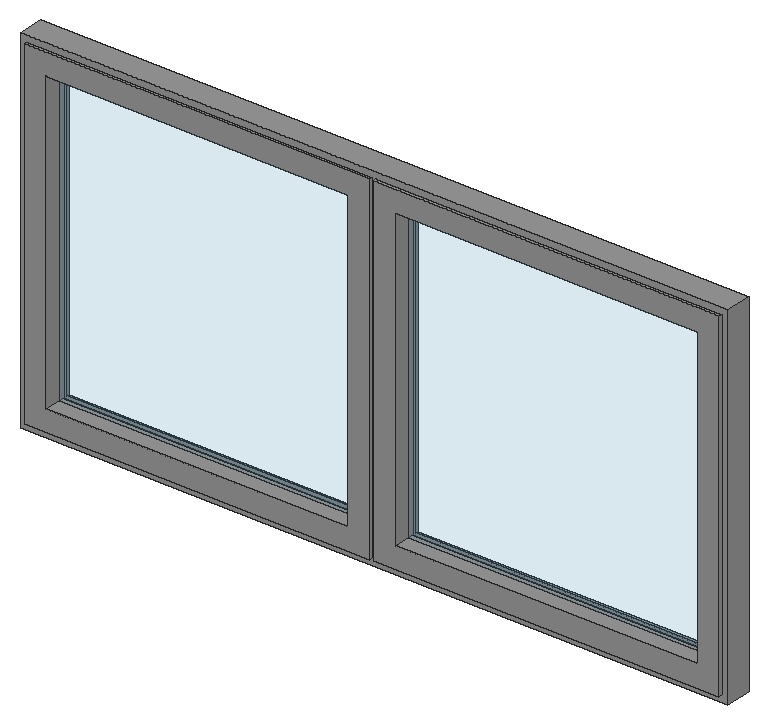
Revit family "Kawneer_Window_GT70s_Pos003", category Windows, host Wall, Revit 2020 (continued)
Definition of nested family "Kawneer_GT70s_Pos003"
  Definition of nested family "Kawneer_GT70s_Mull3"
    Lines and regions (mm)
      model lines, in view "Ref. Level", detail levels fine
        curve 936: line (-3.9, -55.5, 0) -> (-5, -55.5, 0)
        curve 937: line (-5.2, -55.7, 0) -> (-5.2, -56.713, 0)
        curve 938: line (-5.6, -57.113, 0) -> (-5.6, -68.587, 0)
        curve 939: line (-5.2, -68.987, 0) -> (-5.2, -70, 0)
        curve 940: line (-5, -70.2, 0) -> (-3.9, -70.2, 0)
        curve 941: line (26.5, -72, 0) -> (-26.5, -72, 0)
        curve 942: line (-27, -71.5, 0) -> (-27, -68.5, 0)
        curve 943: line (-24.342, -66, 0) -> (-26.5, -68, 0)
        curve 944: line (-26.5, -68, 0) -> (-25, -68, 0)
        curve 945: line (-24.5, -68.5, 0) -> (-24.5, -68.8, 0)
        curve 946: line (-24.7, -69, 0) -> (-25.3, -69, 0)
        curve 947: line (-25.8, -69.5, 0) -> (-25.8, -70.1, 0)
        curve 948: line (-25.3, -70.6, 0) -> (-20.7, -70.6, 0)
        curve 949: line (-20.2, -70.1, 0) -> (-20.2, -69.5, 0)
        curve 950: line (-20.7, -69, 0) -> (-21.3, -69, 0)
        curve 951: line (-21.5, -68.8, 0) -> (-21.5, -68.5, 0)
        curve 952: line (-23.092, -66, 0) -> (-21, -68, 0)
        curve 953: line (-21, -68, 0) -> (-17.9, -68, 0)
        curve 954: line (-17.9, -68.8, 0) -> (-18.8, -68.8, 0)
        curve 955: line (-19, -69, 0) -> (-19, -69.9, 0)
        curve 956: line (-18.5, -70.4, 0) -> (-16, -70.4, 0)
        curve 957: line (-16, -70.4, 0) -> (-7.489, -70.211, 0)
        curve 958: line (-7, -69.711, 0) -> (-7, -56.2, 0)
        curve 959: line (-7.5, -55.7, 0) -> (-10.3, -55.7, 0)
        curve 960: line (-10.5, -55.9, 0) -> (-10.5, -57.1, 0)
        curve 961: line (-11.5, -56.5, 0) -> (-11.5, -53.3, 0)
        curve 962: line (-10.5, -53.3, 0) -> (-10.5, -53.9, 0)
        curve 963: line (-10.2, -54.2, 0) -> (-7.7, -54.2, 0)
        curve 964: line (-7, -53.5, 0) -> (-7, -50.633, 0)
        curve 965: line (-6.55, -50.373, 0) -> (-5.921, -50.736, 0)
        curve 966: line (-5.921, -50.736, 0) -> (-4.82, -51.372, 0)
        curve 967: line (-4.82, -51.372, 0) -> (-5.4, -52.419, 0)
        curve 968: line (-5.4, -52.419, 0) -> (-5.4, -53.3, 0)
        curve 969: line (-4.973, -51.742, 0) -> (-5.587, -53.223, 0)
        curve 970: line (-5.402, -53.5, 0) -> (-1.8, -53.5, 0)
        curve 971: line (-1.8, -53.5, 0) -> (-2.821, -53.5, 0)
        curve 972: line (-2.452, -51.274, 0) -> (-1.6, -52.75, 0)
        curve 973: line (-1.6, -52.75, 0) -> (-1.6, -53.3, 0)
        curve 974: line (-1.6, -53.3, 0) -> (-1.6, -52.76, 0)
        curve 975: line (-1.6, -52.76, 0) -> (-2.386, -51.398, 0)
        curve 976: line (-2.519, -50.563, 0) -> (-2.416, -51, 0)
        curve 977: line (-2.416, -51, 0) -> (-2.039, -51, 0)
        curve 978: line (2.039, -51, 0) -> (2.416, -51, 0)
        curve 979: line (2.416, -51, 0) -> (2.519, -50.563, 0)
        curve 980: line (1.6, -53.3, 0) -> (1.6, -52.75, 0)
        curve 981: line (1.6, -52.75, 0) -> (2.386, -51.398, 0)
        curve 982: line (2.386, -51.398, 0) -> (1.6, -52.76, 0)
        curve 983: line (1.6, -52.76, 0) -> (1.6, -53.3, 0)
        curve 984: line (2.821, -53.5, 0) -> (1.8, -53.5, 0)
        curve 985: line (1.8, -53.5, 0) -> (5.402, -53.5, 0)
        curve 986: line (5.587, -53.223, 0) -> (4.973, -51.742, 0)
        curve 987: line (7, -50.633, 0) -> (7, -53.5, 0)
        curve 988: line (7.7, -54.2, 0) -> (10.2, -54.2, 0)
        curve 989: line (10.5, -53.9, 0) -> (10.5, -53.3, 0)
        curve 990: line (11.5, -53.3, 0) -> (11.5, -56.5, 0)
        curve 991: line (10.5, -57.1, 0) -> (10.5, -55.9, 0)
        curve 992: line (10.3, -55.7, 0) -> (7.5, -55.7, 0)
        curve 993: line (7, -56.2, 0) -> (7, -69.711, 0)
        curve 994: line (7.489, -70.211, 0) -> (16, -70.4, 0)
        curve 995: line (16, -70.4, 0) -> (18.5, -70.4, 0)
        curve 996: line (19, -69.9, 0) -> (19, -69, 0)
        curve 997: line (18.8, -68.8, 0) -> (17.9, -68.8, 0)
        curve 998: line (17.9, -68, 0) -> (21, -68, 0)
        curve 999: line (21, -68, 0) -> (23.092, -66, 0)
        curve 1000: line (21.5, -68.5, 0) -> (21.5, -68.8, 0)
        curve 1001: line (21.3, -69, 0) -> (20.7, -69, 0)
        curve 1002: line (20.2, -69.5, 0) -> (20.2, -70.1, 0)
        curve 1003: line (20.7, -70.6, 0) -> (25.3, -70.6, 0)
        curve 1004: line (25.8, -70.1, 0) -> (25.8, -69.5, 0)
        curve 1005: line (25.3, -69, 0) -> (24.7, -69, 0)
        curve 1006: line (24.5, -68.8, 0) -> (24.5, -68.5, 0)
        curve 1007: line (25, -68, 0) -> (26.5, -68, 0)
        curve 1008: line (26.5, -68, 0) -> (24.342, -66, 0)
        curve 1009: line (27, -68.5, 0) -> (27, -71.5, 0)
        curve 1010: line (3.5, -1.4, 0) -> (0, -1.4, 0)
        curve 1011: line (0, -1.4, 0) -> (-3.5, -1.4, 0)
        curve 1012: line (-3.9, -1.8, 0) -> (-5, -1.8, 0)
        curve 1013: line (-5.2, -2, 0) -> (-5.2, -3.013, 0)
        curve 1014: line (-5.6, -3.413, 0) -> (-5.6, -9.306, 0)
        curve 1015: line (-5.6, -9.306, 0) -> (-5.6, -15.2, 0)
        curve 1016: line (-5.2, -15.6, 0) -> (-5.2, -16.5, 0)
        curve 1017: line (-5, -16.7, 0) -> (-4.273, -16.7, 0)
        curve 1018: line (-3.927, -16.9, 0) -> (0, -16.9, 0)
        curve 1019: line (0, -16.9, 0) -> (3.927, -16.9, 0)
        curve 1020: line (4.273, -16.7, 0) -> (5, -16.7, 0)
        curve 1021: line (5.2, -16.5, 0) -> (5.2, -15.6, 0)
        curve 1022: line (5.6, -15.2, 0) -> (5.6, -9.306, 0)
        curve 1023: line (5.6, -9.306, 0) -> (5.6, -3.413, 0)
        curve 1024: line (5.2, -3.013, 0) -> (5.2, -2, 0)
        curve 1025: line (5, -1.8, 0) -> (3.9, -1.8, 0)
        curve 1026: line (-11.5, 0, 0) -> (11.5, 0, 0)
        curve 1027: line (12, -0.5, 0) -> (12, -2.342, 0)
        curve 1028: line (10.5, -4, 0) -> (10.5, -2.3, 0)
        curve 1029: line (10, -1.8, 0) -> (7.5, -1.8, 0)
        curve 1030: line (7, -2.3, 0) -> (7, -15.8, 0)
        curve 1031: line (7.5, -16.3, 0) -> (10, -16.3, 0)
        curve 1032: line (10.5, -15.8, 0) -> (10.5, -14.4, 0)
        curve 1033: line (11.8, -15.839, 0) -> (11.8, -18.6, 0)
        curve 1034: line (10.5, -19.4, 0) -> (10.5, -18.2, 0)
        curve 1035: line (10.3, -18, 0) -> (7.7, -18, 0)
        curve 1036: line (7, -18.7, 0) -> (7, -21.367, 0)
        curve 1037: line (6.55, -21.627, 0) -> (5.921, -21.264, 0)
        curve 1038: line (5.921, -21.264, 0) -> (4.82, -20.628, 0)
        curve 1039: line (4.82, -20.628, 0) -> (5.4, -19.581, 0)
        curve 1040: line (5.4, -19.581, 0) -> (5.4, -18.7, 0)
        curve 1041: line (4.973, -20.258, 0) -> (5.587, -18.777, 0)
        curve 1042: line (5.402, -18.5, 0) -> (1.8, -18.5, 0)
        curve 1043: line (1.8, -18.5, 0) -> (2.821, -18.5, 0)
        curve 1044: line (2.452, -20.726, 0) -> (1.6, -19.25, 0)
        curve 1045: line (1.6, -19.25, 0) -> (1.6, -18.7, 0)
        curve 1046: line (1.6, -18.7, 0) -> (1.6, -19.24, 0)
        curve 1047: line (1.6, -19.24, 0) -> (2.386, -20.602, 0)
        curve 1048: line (2.519, -21.437, 0) -> (2.416, -21, 0)
        curve 1049: line (2.416, -21, 0) -> (2.039, -21, 0)
        curve 1050: line (-2.039, -21, 0) -> (-2.416, -21, 0)
        curve 1051: line (-2.416, -21, 0) -> (-2.519, -21.437, 0)
        curve 1052: line (-1.6, -18.7, 0) -> (-1.6, -19.25, 0)
        curve 1053: line (-1.6, -19.25, 0) -> (-2.386, -20.602, 0)
        curve 1054: line (-2.386, -20.602, 0) -> (-1.6, -19.24, 0)
        curve 1055: line (-1.6, -19.24, 0) -> (-1.6, -18.7, 0)
        curve 1056: line (-2.821, -18.5, 0) -> (-1.8, -18.5, 0)
        curve 1057: line (-1.8, -18.5, 0) -> (-5.402, -18.5, 0)
        curve 1058: line (-5.587, -18.777, 0) -> (-4.973, -20.258, 0)
        curve 1059: line (-7, -21.367, 0) -> (-7, -18.7, 0)
        curve 1060: line (-7.7, -18, 0) -> (-10.3, -18, 0)
        curve 1061: line (-10.5, -18.2, 0) -> (-10.5, -19.4, 0)
        curve 1062: line (-11.8, -18.6, 0) -> (-11.8, -15.839, 0)
        curve 1063: line (-10.5, -14.4, 0) -> (-10.5, -15.8, 0)
        curve 1064: line (-10, -16.3, 0) -> (-7.5, -16.3, 0)
        curve 1065: line (-7, -15.8, 0) -> (-7, -2.3, 0)
        curve 1066: line (-7.5, -1.8, 0) -> (-10, -1.8, 0)
        curve 1067: line (-10.5, -2.3, 0) -> (-10.5, -4, 0)
        curve 1068: line (-12, -2.342, 0) -> (-12, -0.5, 0)
        curve 1069: line (-3.85, -35.5, 0) -> (5.05, -35.5, 0)
        curve 1070: line (4.605, -46.985, 0) -> (3.221, -48.635, 0)
        curve 1071: line (4.379, -53.5, 0) -> (5.2, -53.5, 0)
        curve 1072: line (5.4, -53.3, 0) -> (5.4, -52.419, 0)
        curve 1073: line (5.4, -52.419, 0) -> (4.919, -51.258, 0)
        curve 1074: line (4.919, -51.258, 0) -> (5.921, -50.736, 0)
        curve 1075: line (5.921, -50.736, 0) -> (6.55, -50.373, 0)
        curve 1076: line (5.645, -49.901, 0) -> (6.45, -49.436, 0)
        curve 1077: line (6.95, -48.57, 0) -> (6.95, -46.5, 0)
        curve 1078: line (7.45, -46, 0) -> (10.15, -46, 0)
        curve 1079: line (10.15, -46, 0) -> (9.718, -46.044, 0)
        curve 1080: line (9.718, -46.044, 0) -> (7.538, -47.364, 0)
        curve 1081: line (10.45, -46.3, 0) -> (10.45, -46.9, 0)
        curve 1082: line (11.45, -46.9, 0) -> (11.45, -43.9, 0)
        curve 1083: line (10.45, -43.9, 0) -> (10.45, -44.5, 0)
        curve 1084: line (10.15, -44.8, 0) -> (7.45, -44.8, 0)
        curve 1085: line (6.95, -44.3, 0) -> (6.95, -23.43, 0)
        curve 1086: line (6.45, -22.564, 0) -> (5.645, -22.099, 0)
        curve 1087: line (5.2, -18.5, 0) -> (4.379, -18.5, 0)
        curve 1088: line (3.22, -23.364, 0) -> (4.605, -25.014, 0)
        curve 1089: line (5.036, -34.3, 0) -> (-3.85, -34.3, 0)
        curve 1090: line (3.85, -36.5, 0) -> (-5.05, -36.5, 0)
        curve 1091: line (-4.605, -25.014, 0) -> (-3.22, -23.364, 0)
        curve 1092: line (-4.379, -18.5, 0) -> (-5.2, -18.5, 0)
        curve 1093: line (-5.4, -18.7, 0) -> (-5.4, -19.581, 0)
        curve 1094: line (-5.4, -19.581, 0) -> (-4.919, -20.742, 0)
        curve 1095: line (-4.919, -20.742, 0) -> (-5.921, -21.264, 0)
        curve 1096: line (-5.921, -21.264, 0) -> (-6.55, -21.627, 0)
        curve 1097: line (-5.645, -22.099, 0) -> (-6.45, -22.564, 0)
        curve 1098: line (-6.95, -23.43, 0) -> (-6.95, -44.3, 0)
        curve 1099: line (-7.45, -44.8, 0) -> (-10.15, -44.8, 0)
        curve 1100: line (-10.45, -44.5, 0) -> (-10.45, -43.9, 0)
        curve 1101: line (-11.45, -43.9, 0) -> (-11.45, -46.9, 0)
        curve 1102: line (-10.45, -46.9, 0) -> (-10.45, -46.3, 0)
        curve 1103: line (-7.538, -47.364, 0) -> (-9.718, -46.044, 0)
        curve 1104: line (-9.718, -46.044, 0) -> (-10.15, -46, 0)
        curve 1105: line (-10.15, -46, 0) -> (-7.45, -46, 0)
        curve 1106: line (-6.95, -46.5, 0) -> (-6.95, -48.57, 0)
        curve 1107: line (-6.45, -49.436, 0) -> (-5.645, -49.901, 0)
        curve 1108: line (-5.2, -53.5, 0) -> (-4.379, -53.5, 0)
        curve 1109: line (-3.221, -48.635, 0) -> (-4.605, -46.985, 0)
        curve 1110: line (-5.036, -37.7, 0) -> (3.85, -37.7, 0)
        curve 1111: line (41.999, -70, 0) -> (41.999, -67.8, 0)
        curve 1112: line (39.999, -65.8, 0) -> (35.299, -65.8, 0)
        curve 1113: line (35.099, -65.6, 0) -> (35.099, -58.6, 0)
        curve 1114: line (35.299, -58.4, 0) -> (45.299, -58.4, 0)
        curve 1115: line (45.499, -58.6, 0) -> (45.499, -70, 0)
        curve 1116: line (44.999, -70.5, 0) -> (42.499, -70.5, 0)
        curve 1117: line (38.999, -71, 0) -> (38.999, -71.5, 0)
        curve 1118: line (39.499, -72, 0) -> (66.499, -72, 0)
        curve 1119: line (66.999, -71.5, 0) -> (66.999, -68.5, 0)
        curve 1120: line (63.384, -69.639, 0) -> (64.499, -68.5, 0)
        curve 1121: line (64.499, -68.5, 0) -> (64.499, -68.8, 0)
        curve 1122: line (64.499, -68.8, 0) -> (64.55, -68, 0)
        curve 1123: line (64.55, -68, 0) -> (66.499, -68, 0)
        curve 1124: line (66.499, -68, 0) -> (64.999, -68, 0)
        curve 1125: line (64.999, -68, 0) -> (67.057, -65.967, 0)
        curve 1126: line (64.699, -69, 0) -> (65.299, -69, 0)
        curve 1127: line (65.799, -69.5, 0) -> (65.799, -70.1, 0)
        curve 1128: line (65.299, -70.6, 0) -> (60.699, -70.6, 0)
        curve 1129: line (60.199, -70.1, 0) -> (60.199, -69.5, 0)
        curve 1130: line (60.699, -69, 0) -> (61.299, -69, 0)
        curve 1131: line (59.41, -68, 0) -> (61.45, -68, 0)
        curve 1132: line (61.45, -68, 0) -> (61.499, -68.8, 0)
        curve 1133: line (61.499, -68.8, 0) -> (61.499, -68.5, 0)
        curve 1134: line (61.499, -68.5, 0) -> (62.616, -69.639, 0)
        curve 1135: line (58.943, -65.967, 0) -> (60.999, -68, 0)
        curve 1136: line (60.999, -68, 0) -> (57.899, -68, 0)
        curve 1137: line (57.899, -68.8, 0) -> (58.799, -68.8, 0)
        curve 1138: line (58.999, -69, 0) -> (58.999, -69.9, 0)
        curve 1139: line (58.499, -70.4, 0) -> (55.999, -70.4, 0)
        curve 1140: line (55.999, -70.4, 0) -> (47.488, -70.211, 0)
        curve 1141: line (46.999, -69.711, 0) -> (46.999, -53.933, 0)
        curve 1142: line (44.972, -55.042, 0) -> (45.586, -56.523, 0)
        curve 1143: line (45.401, -56.8, 0) -> (41.799, -56.8, 0)
        curve 1144: line (41.799, -56.8, 0) -> (42.821, -56.8, 0)
        curve 1145: line (41.599, -56.6, 0) -> (41.599, -56.06, 0)
        curve 1146: line (41.599, -56.06, 0) -> (42.386, -54.698, 0)
        curve 1147: line (42.386, -54.698, 0) -> (41.6, -56.05, 0)
        curve 1148: line (41.6, -56.05, 0) -> (41.6, -56.581, 0)
        curve 1149: line (42.519, -53.867, 0) -> (42.415, -54.3, 0)
        curve 1150: line (42.415, -54.3, 0) -> (42.038, -54.3, 0)
        curve 1151: line (36.26, -54.3, 0) -> (35.883, -54.3, 0)
        curve 1152: line (35.883, -54.3, 0) -> (35.778, -53.863, 0)
        curve 1153: line (35.913, -54.698, 0) -> (36.699, -56.06, 0)
        curve 1154: line (36.699, -56.06, 0) -> (36.699, -56.6, 0)
        curve 1155: line (36.699, -56.6, 0) -> (36.697, -56.05, 0)
        curve 1156: line (36.697, -56.05, 0) -> (35.845, -54.574, 0)
        curve 1157: line (35.477, -56.8, 0) -> (36.495, -56.8, 0)
        curve 1158: line (36.495, -56.8, 0) -> (32.901, -56.8, 0)
        curve 1159: line (32.713, -56.523, 0) -> (33.326, -55.042, 0)
        curve 1160: line (32.897, -56.6, 0) -> (32.897, -55.719, 0)
        curve 1161: line (32.897, -55.719, 0) -> (33.479, -54.672, 0)
        curve 1162: line (33.479, -54.672, 0) -> (31.749, -53.673, 0)
        curve 1163: line (31.299, -53.933, 0) -> (31.299, -57.228, 0)
        curve 1164: line (31.13, -57.426, 0) -> (30.262, -57.588, 0)
        curve 1165: line (30.099, -57.785, 0) -> (30.099, -58.4, 0)
        curve 1166: line (30.299, -58.6, 0) -> (33.099, -58.6, 0)
        curve 1167: line (33.599, -59.1, 0) -> (33.599, -65.3, 0)
        curve 1168: line (33.099, -65.8, 0) -> (31.699, -65.8, 0)
        curve 1169: line (31.199, -66.3, 0) -> (31.199, -66.8, 0)
        curve 1170: line (31.699, -67.3, 0) -> (39.999, -67.3, 0)
        curve 1171: line (40.499, -67.8, 0) -> (40.499, -70, 0)
        curve 1172: line (39.999, -70.5, 0) -> (39.499, -70.5, 0)
        curve 1173: line (29.8, -19.8, 0) -> (29.8, 6.3, 0)
        curve 1174: line (30, 6.5, 0) -> (45, 6.5, 0)
        curve 1175: line (45.2, 6.3, 0) -> (45.2, 5.187, 0)
        curve 1176: line (45.5, 4.8, 0) -> (45.5, -18.313, 0)
        curve 1177: line (45.2, -18.7, 0) -> (45.2, -19.8, 0)
        curve 1178: line (45, -20, 0) -> (43.873, -20, 0)
        curve 1179: line (43.527, -20.2, 0) -> (31.947, -20.2, 0)
        curve 1180: line (31.627, -20, 0) -> (30, -20, 0)
        curve 1181: line (51, 8, 0) -> (8, 8, 0)
        curve 1182: line (6, 6, 0) -> (6, 4.5, 0)
        curve 1183: line (6.5, 4, 0) -> (7.9, 4, 0)
        curve 1184: line (9.949, 6.501, 0) -> (8.2, 5, 0)
        curve 1185: line (8.2, 5, 0) -> (7.7, 5, 0)
        curve 1186: line (7.2, 5.5, 0) -> (7.2, 6.1, 0)
        curve 1187: line (7.7, 6.6, 0) -> (11.8, 6.6, 0)
        curve 1188: line (12.3, 6.1, 0) -> (12.3, 5.5, 0)
        curve 1189: line (11.8, 5, 0) -> (11.5, 5, 0)
        curve 1190: line (11.3, 4.8, 0) -> (11.3, 4.5, 0)
        curve 1191: line (10.692, 3.001, 0) -> (11.8, 4, 0)
        curve 1192: line (11.8, 4, 0) -> (12.6, 4, 0)
        curve 1193: line (13.1, 4.5, 0) -> (13.1, 5.7, 0)
        curve 1194: line (13.6, 6.2, 0) -> (26.5, 6.2, 0)
        curve 1195: line (28, 4.7, 0) -> (28, 2.5, 0)
        curve 1196: line (27.5, 2, 0) -> (24, 2, 0)
        curve 1197: line (23.5, 1.5, 0) -> (23.5, -2, 0)
        curve 1198: line (24, -2.5, 0) -> (24.5, -2.5, 0)
        curve 1199: line (25, -2, 0) -> (25, -0.5, 0)
        curve 1200: line (25.5, 0, 0) -> (27.207, 0, 0)
        curve 1201: line (27.207, 0, 0) -> (27.74, 0.154, 0)
        curve 1202: line (28, -0.793, 0) -> (28, -19.207, 0)
        curve 1203: line (27.207, -20, 0) -> (25.5, -20, 0)
        curve 1204: line (25, -19.5, 0) -> (25, -18, 0)
        curve 1205: line (24.5, -17.5, 0) -> (24, -17.5, 0)
        curve 1206: line (23.5, -18, 0) -> (23.5, -21.5, 0)
        curve 1207: line (24, -22, 0) -> (29.654, -22, 0)
        curve 1208: line (30, -21.8, 0) -> (30.8, -21.8, 0)
        curve 1209: line (31.3, -22.3, 0) -> (31.3, -24.667, 0)
        curve 1210: line (33.327, -23.558, 0) -> (32.713, -22.077, 0)
        curve 1211: line (32.899, -21.8, 0) -> (36.5, -21.8, 0)
        curve 1212: line (36.5, -21.8, 0) -> (35.482, -21.8, 0)
        curve 1213: line (36.7, -22.001, 0) -> (36.7, -22.54, 0)
        curve 1214: line (36.7, -22.54, 0) -> (35.914, -23.902, 0)
        curve 1215: line (35.914, -23.902, 0) -> (36.697, -22.55, 0)
        curve 1216: line (36.697, -22.55, 0) -> (36.697, -22.033, 0)
        curve 1217: line (35.778, -24.737, 0) -> (35.884, -24.3, 0)
        curve 1218: line (35.884, -24.3, 0) -> (36.261, -24.3, 0)
        curve 1219: line (42.039, -24.3, 0) -> (42.416, -24.3, 0)
        curve 1220: line (42.416, -24.3, 0) -> (42.519, -24.737, 0)
        curve 1221: line (42.386, -23.902, 0) -> (41.6, -22.54, 0)
        curve 1222: line (41.6, -22.54, 0) -> (41.6, -22, 0)
        curve 1223: line (41.6, -22, 0) -> (41.6, -22.55, 0)
        curve 1224: line (41.6, -22.55, 0) -> (42.452, -24.026, 0)
        curve 1225: line (42.82, -21.8, 0) -> (41.8, -21.8, 0)
        curve 1226: line (41.8, -21.8, 0) -> (45.402, -21.8, 0)
        curve 1227: line (45.586, -22.077, 0) -> (44.973, -23.558, 0)
        curve 1228: line (45.4, -22, 0) -> (45.4, -22.881, 0)
        curve 1229: line (45.4, -22.881, 0) -> (44.82, -23.928, 0)
        curve 1230: line (44.82, -23.928, 0) -> (46.55, -24.927, 0)
        curve 1231: line (47, -24.667, 0) -> (47, -10.5, 0)
        curve 1232: line (47.5, -10, 0) -> (50.8, -10, 0)
        curve 1233: line (51.8, -9, 0) -> (51.8, -7.839, 0)
        curve 1234: line (50.5, -6.4, 0) -> (50.5, -7.8, 0)
        curve 1235: line (50, -8.3, 0) -> (47.5, -8.3, 0)
        curve 1236: line (47, -7.8, 0) -> (47, 5.7, 0)
        curve 1237: line (47.5, 6.2, 0) -> (50, 6.2, 0)
        curve 1238: line (50.5, 5.7, 0) -> (50.5, 4, 0)
        curve 1239: line (52, 5.658, 0) -> (52, 7, 0)
        curve 1240: line (44.605, -50.286, 0) -> (43.22, -51.936, 0)
        curve 1241: line (44.379, -56.8, 0) -> (45.2, -56.8, 0)
        curve 1242: line (45.4, -56.6, 0) -> (45.4, -55.719, 0)
        curve 1243: line (45.4, -55.719, 0) -> (44.919, -54.558, 0)
        curve 1244: line (44.919, -54.558, 0) -> (46.549, -53.673, 0)
        curve 1245: line (45.645, -53.201, 0) -> (46.45, -52.736, 0)
        curve 1246: line (46.95, -51.87, 0) -> (46.95, -26.73, 0)
        curve 1247: line (46.45, -25.864, 0) -> (45.645, -25.399, 0)
        curve 1248: line (45.2, -21.8, 0) -> (44.379, -21.8, 0)
        curve 1249: line (43.221, -26.665, 0) -> (44.605, -28.315, 0)
        curve 1250: line (45.036, -37.6, 0) -> (36.75, -37.6, 0)
        curve 1251: line (36.75, -38.8, 0) -> (45.05, -38.8, 0)
        curve 1252: line (30.547, -46.799, 0) -> (26.847, -46.799, 0)
        curve 1253: line (25.347, -45.299, 0) -> (25.347, -38.899, 0)
        curve 1254: line (26.347, -37.899, 0) -> (29.918, -37.899, 0)
        curve 1255: line (30.727, -38.311, 0) -> (31.856, -39.866, 0)
        curve 1256: line (32.047, -40.454, 0) -> (32.047, -45.299, 0)
        curve 1257: line (31.754, -36.182, 0) -> (31.03, -36.906, 0)
        curve 1258: line (30.323, -37.199, 0) -> (26.347, -37.199, 0)
        curve 1259: line (25.347, -36.199, 0) -> (25.347, -29.799, 0)
        curve 1260: line (26.847, -28.299, 0) -> (30.547, -28.299, 0)
        curve 1261: line (32.047, -29.799, 0) -> (32.047, -35.474, 0)
        curve 1262: line (24.847, -47.799, 0) -> (30.347, -47.799, 0)
        curve 1263: line (31.347, -48.799, 0) -> (31.347, -51.87, 0)
        curve 1264: line (31.847, -52.736, 0) -> (32.652, -53.201, 0)
        curve 1265: line (33.097, -56.8, 0) -> (33.918, -56.8, 0)
        curve 1266: line (35.077, -51.936, 0) -> (33.749, -50.353, 0)
        curve 1267: line (33.047, -48.425, 0) -> (33.047, -41.499, 0)
        curve 1268: line (33.547, -40.999, 0) -> (41.347, -40.999, 0)
        curve 1269: line (41.347, -39.799, 0) -> (33.298, -39.799, 0)
        curve 1270: line (32.894, -39.593, 0) -> (32.176, -38.605, 0)
        curve 1271: line (33.047, -35.993, 0) -> (33.047, -30.173, 0)
        curve 1272: line (33.749, -28.247, 0) -> (35.077, -26.664, 0)
        curve 1273: line (33.918, -21.8, 0) -> (33.097, -21.8, 0)
        curve 1274: line (32.897, -22, 0) -> (32.897, -22.881, 0)
        curve 1275: line (32.897, -22.881, 0) -> (33.378, -24.042, 0)
        curve 1276: line (33.378, -24.042, 0) -> (31.75, -24.927, 0)
        curve 1277: line (32.652, -25.399, 0) -> (31.847, -25.864, 0)
        curve 1278: line (30.607, -27.299, 0) -> (25.847, -27.299, 0)
        curve 1279: line (24.347, -28.799, 0) -> (24.347, -47.299, 0)
        curve 1280: line (7.749, -48.822, 0) -> (10.137, -46.434, 0)
        curve 1281: line (8.699, -49.994, 0) -> (9.804, -48.89, 0)
        curve 1282: line (10.982, -47.711, 0) -> (12.893, -45.8, 0)
        curve 1283: line (8.491, -52.324, 0) -> (9.958, -50.856, 0)
        curve 1284: line (9.958, -50.856, 0) -> (8.694, -49.621, 0)
        curve 1285: line (8.694, -49.621, 0) -> (8.706, -50.444, 0)
        curve 1286: line (10.978, -49.836, 0) -> (11.706, -49.108, 0)
        curve 1287: line (11.706, -49.108, 0) -> (13.35, -47.465, 0)
        curve 1288: line (8.056, -50.238, 0) -> (8.095, -50.598, 0)
        curve 1289: line (8.095, -50.598, 0) -> (7.25, -51.443, 0)
        curve 1290: line (7.25, -51.443, 0) -> (7.25, -50.299, 0)
        curve 1291: line (7.25, -50.299, 0) -> (10.01, -52.926, 0)
        curve 1292: line (10.01, -52.926, 0) -> (10.191, -52.745, 0)
        curve 1293: line (11.189, -51.747, 0) -> (13.708, -49.228, 0)
        curve 1294: line (11.758, -53.299, 0) -> (14.923, -50.134, 0)
        curve 1295: line (11.75, -52.433, 0) -> (11.778, -55.401, 0)
        curve 1296: line (11.778, -55.401, 0) -> (17.273, -49.906, 0)
        curve 1297: line (14.675, -54.625, 0) -> (19.828, -49.471, 0)
        curve 1298: line (12.012, -55.49, 0) -> (17.817, -53.604, 0)
        curve 1299: line (17.817, -53.604, 0) -> (22.382, -49.039, 0)
        curve 1300: line (22.382, -49.039, 0) -> (24.288, -47.133, 0)
        curve 1301: line (21.292, -52.251, 0) -> (24.94, -48.602, 0)
        curve 1302: line (25.138, -48.404, 0) -> (26.409, -47.133, 0)
        curve 1303: line (26.409, -47.133, 0) -> (23.457, -47.133, 0)
        curve 1304: line (23.19, -47.147, 0) -> (24.689, -48.646, 0)
        curve 1305: line (24.689, -48.646, 0) -> (25.983, -49.68, 0)
        curve 1306: line (25.983, -49.68, 0) -> (27.485, -48.179, 0)
        curve 1307: line (26.78, -49.145, 0) -> (27.092, -48.928, 0)
        curve 1308: line (27.092, -48.928, 0) -> (25.297, -47.133, 0)
        curve 1309: line (24.511, -50.589, 0) -> (22.875, -48.953, 0)
        curve 1310: line (22.875, -48.953, 0) -> (21.739, -47.817, 0)
        curve 1311: line (23.146, -51.345, 0) -> (21.062, -49.262, 0)
        curve 1312: line (21.729, -52.049, 0) -> (19.249, -49.57, 0)
        curve 1313: line (20.257, -52.699, 0) -> (17.436, -49.878, 0)
        curve 1314: line (18.727, -53.29, 0) -> (15.623, -50.186, 0)
        curve 1315: line (15.623, -50.186, 0) -> (25.743, -48.466, 0)
        curve 1316: line (13.392, -47.956, 0) -> (12.456, -47.019, 0)
        curve 1317: line (12.456, -47.019, 0) -> (11.7, -46.264, 0)
        curve 1318: line (17.139, -53.824, 0) -> (11.896, -48.58, 0)
        curve 1319: line (11.896, -48.58, 0) -> (10.897, -47.582, 0)
        curve 1320: line (10.897, -47.582, 0) -> (9.494, -46.179, 0)
        curve 1321: line (15.538, -54.344, 0) -> (11.336, -50.142, 0)
        curve 1322: line (11.336, -50.142, 0) -> (10.287, -49.093, 0)
        curve 1323: line (10.287, -49.093, 0) -> (10.72, -49.102, 0)
        curve 1324: line (9.431, -48.237, 0) -> (8.173, -46.979, 0)
        curve 1325: line (13.937, -54.865, 0) -> (11.753, -52.68, 0)
        curve 1326: line (10.838, -51.766, 0) -> (10.17, -51.097, 0)
        curve 1327: line (8.305, -49.232, 0) -> (7.514, -48.441, 0)
        curve 1328: line (12.336, -55.385, 0) -> (11.772, -54.821, 0)
        curve 1329: line (10.72, -47.702, 0) -> (9.93, -47.702, 0)
        curve 1330: line (11.22, -48.602, 0) -> (11.22, -48.202, 0)
        curve 1331: line (11.22, -50.664, 0) -> (11.22, -50.264, 0)
        curve 1332: line (10.72, -49.764, 0) -> (10.42, -49.764, 0)
        curve 1333: line (9.92, -50.264, 0) -> (9.92, -50.664, 0)
        curve 1334: line (10.42, -51.164, 0) -> (10.72, -51.164, 0)
        curve 1335: line (10.04, -46.044, 0) -> (10.367, -46.737, 0)
        curve 1336: line (11.7, -46.438, 0) -> (11.7, -45.279, 0)
        curve 1337: line (13.294, -46.826, 0) -> (13.429, -48.371, 0)
        curve 1338: line (25.69, -48.295, 0) -> (21.867, -49.048, 0)
        curve 1339: line (10.352, -52.387, 0) -> (10.109, -52.926, 0)
        curve 1340: line (10.109, -52.926, 0) -> (9.574, -52.926, 0)
        curve 1341: line (9.574, -52.926, 0) -> (7.4, -51.718, 0)
        curve 1342: line (7.394, -47.853, 0) -> (7.394, -47.62, 0)
        curve 1343: line (5.707, 2.259, 0) -> (7.449, 4.001, 0)
        curve 1344: line (6.116, 0.546, 0) -> (6.686, 1.117, 0)
        curve 1345: line (8.57, 3.001, 0) -> (8.905, 3.335, 0)
        curve 1346: line (8.905, 3.335, 0) -> (9.47, 3.901, 0)
        curve 1347: line (9.47, 3.901, 0) -> (10.286, 3.001, 0)
        curve 1348: line (10.388, 4.818, 0) -> (11.476, 5.906, 0)
        curve 1349: line (7.691, 0, 0) -> (8.545, 0.855, 0)
        curve 1350: line (8.545, 0.855, 0) -> (8.833, 1.142, 0)
        curve 1351: line (7.232, 1.662, 0) -> (8.377, 2.788, 0)
        curve 1352: line (8.377, 2.788, 0) -> (9.464, 1.773, 0)
        curve 1353: line (9.464, 1.773, 0) -> (10.3, 2.61, 0)
        curve 1354: line (9.812, 0, 0) -> (11.7, 1.888, 0)
        curve 1355: line (12.522, 2.886, 0) -> (11.401, 4.007, 0)
        curve 1356: line (11.401, 4.007, 0) -> (10.369, 5.039, 0)
        curve 1357: line (9.807, 5.601, 0) -> (8.998, 6.41, 0)
        curve 1358: line (8.998, 6.41, 0) -> (7.85, 5.747, 0)
        curve 1359: line (11.934, 1.353, 0) -> (11.402, 1.885, 0)
        curve 1360: line (11.218, 2.069, 0) -> (10.605, 2.682, 0)
        curve 1361: line (9.264, 5.418, 0) -> (9.151, 4.118, 0)
        curve 1362: line (9.087, 4.199, 0) -> (8.35, 4.937, 0)
        curve 1363: line (8.35, 4.937, 0) -> (8.4, 4.5, 0)
        curve 1364: line (8.35, 4.201, 0) -> (8.35, 5.301, 0)
        curve 1365: line (8.35, 5.301, 0) -> (7.908, 5.379, 0)
        curve 1366: line (7.908, 5.379, 0) -> (7.754, 5.532, 0)
        curve 1367: line (10.981, 0.184, 0) -> (10.346, 0.82, 0)
        curve 1368: line (8.165, 3.001, 0) -> (7.165, 4.001, 0)
        curve 1369: line (9.044, 0, 0) -> (8.179, 0.865, 0)
        curve 1370: line (8.179, 0.865, 0) -> (7.176, 1.868, 0)
        curve 1371: line (6.518, 2.526, 0) -> (5.779, 3.265, 0)
        curve 1372: line (6.858, 0.064, 0) -> (5.793, 1.13, 0)
        curve 1373: line (9.464, 5.601, 0) -> (10.136, 5.601, 0)
        curve 1374: line (10.336, 5.418, 0) -> (10.449, 4.118, 0)
        curve 1375: line (10.25, 3.901, 0) -> (9.35, 3.901, 0)
        curve 1376: line (7.833, 0.801, 0) -> (7.324, 0.801, 0)
        curve 1377: line (6.737, 3.001, 0) -> (10.93, 3.001, 0)
        curve 1378: line (12.85, 4.001, 0) -> (11.45, 4.001, 0)
        curve 1379: line (11.25, 4.201, 0) -> (11.25, 5.301, 0)
        curve 1380: line (11.25, 5.301, 0) -> (11.685, 5.377, 0)
        curve 1381: line (11.75, 5.747, 0) -> (10.445, 6.501, 0)
        curve 1382: line (10.445, 6.501, 0) -> (9.155, 6.501, 0)
        curve 1383: line (8.15, 4.001, 0) -> (6.15, 4.001, 0)
        curve 1384: line (7.324, -0.005, 0) -> (10.194, -0.005, 0)
        curve 1385: line (18.85, -67.5, 0) -> (18.971, -68, 0)
        curve 1386: line (18.971, -68, 0) -> (20.971, -66, 0)
        curve 1387: line (21.28, -69.934, 0) -> (21.868, -69.346, 0)
        curve 1388: line (21.868, -69.346, 0) -> (22.41, -68.803, 0)
        curve 1389: line (22.55, -67.9, 0) -> (23.314, -67.9, 0)
        curve 1390: line (23.314, -67.9, 0) -> (25.214, -66, 0)
        curve 1391: line (25.335, -68, 0) -> (27.335, -66, 0)
        curve 1392: line (27.335, -66, 0) -> (20.35, -66, 0)
        curve 1393: line (27.308, -68.149, 0) -> (28.669, -66.787, 0)
        curve 1394: line (27.18, -70.398, 0) -> (29.818, -67.759, 0)
        curve 1395: line (27.755, -71.944, 0) -> (28.839, -70.86, 0)
        curve 1396: line (26.463, -66, 0) -> (30.076, -69.623, 0)
        curve 1397: line (30.076, -69.623, 0) -> (32.155, -67.544, 0)
        curve 1398: line (32.155, -67.544, 0) -> (33.357, -68.651, 0)
        curve 1399: line (33.099, -68.721, 0) -> (34.484, -67.336, 0)
        curve 1400: line (34.484, -67.336, 0) -> (29.385, -67.798, 0)
        curve 1401: line (34.892, -68.065, 0) -> (34.19, -67.363, 0)
        curve 1402: line (31.69, -69.105, 0) -> (30.3, -67.715, 0)
        curve 1403: line (28.974, -70.632, 0) -> (27.297, -68.955, 0)
        curve 1404: line (28.048, -71.827, 0) -> (27.137, -70.917, 0)
        curve 1405: line (22.835, -70.5, 0) -> (24.354, -68.981, 0)
        curve 1406: line (24.35, -69.1, 0) -> (24.383, -68.162, 0)
        curve 1407: line (24.383, -68.162, 0) -> (22.221, -66, 0)
        curve 1408: line (24.295, -70.195, 0) -> (23.442, -69.342, 0)
        curve 1409: line (23.442, -69.342, 0) -> (23.549, -68.117, 0)
        curve 1410: line (22.464, -69.417, 0) -> (22.363, -68.264, 0)
        curve 1411: line (22.363, -68.264, 0) -> (20.117, -66.018, 0)
        curve 1412: line (22.478, -70.5, 0) -> (21.141, -69.163, 0)
        curve 1413: line (19.978, -68, 0) -> (18.947, -66.969, 0)
        curve 1414: line (23.236, -69.6, 0) -> (22.663, -69.6, 0)
        curve 1415: line (21.55, -68.3, 0) -> (21.55, -69.1, 0)
        curve 1416: line (21.55, -69.1, 0) -> (20.9, -69.2, 0)
        curve 1417: line (20.9, -69.2, 0) -> (20.9, -69.615, 0)
        curve 1418: line (20.9, -69.615, 0) -> (21.955, -70.5, 0)
        curve 1419: line (21.955, -70.5, 0) -> (23.926, -70.5, 0)
        curve 1420: line (23.926, -70.5, 0) -> (24.636, -69.913, 0)
        curve 1421: line (24.65, -68, 0) -> (27.049, -68, 0)
        curve 1422: line (27.348, -68.324, 0) -> (27.05, -72, 0)
        curve 1423: line (27.05, -72, 0) -> (27.35, -72, 0)
        curve 1424: line (30.697, -69.376, 0) -> (34.58, -68.317, 0)
        curve 1425: line (18.85, -68, 0) -> (21.25, -68, 0)
        curve 1426: line (52.7, 8, 0) -> (66.5, 8, 0)
        curve 1427: line (67, 7.5, 0) -> (67, -31.4, 0)
        curve 1428: line (66.5, -31.9, 0) -> (65.2, -31.9, 0)
        curve 1429: line (64.7, -31.4, 0) -> (64.7, -30.9, 0)
        curve 1430: line (65.8, -29.9, 0) -> (65.8, -6.7, 0)
        curve 1431: line (65.3, -6.2, 0) -> (49.85, -6.2, 0)
        curve 1432: line (49.709, -6.541, 0) -> (50.391, -7.224, 0)
        curve 1433: line (50.391, -7.224, 0) -> (50.45, -7.6, 0)
        curve 1434: line (50.25, -7.8, 0) -> (49.784, -7.8, 0)
        curve 1435: line (49.534, -7.733, 0) -> (47.903, -6.792, 0)
        curve 1436: line (48.356, -5.1, 0) -> (64.744, -5.1, 0)
        curve 1437: line (65.744, -4.082, 0) -> (65.576, 5.08, 0)
        curve 1438: line (64.078, 6.5, 0) -> (55.933, 6.5, 0)
        curve 1439: line (55.5, 6.25, 0) -> (53.97, 3.6, 0)
        curve 1440: line (52.238, 2.6, 0) -> (49.559, 2.6, 0)
        curve 1441: line (49.205, 3.454, 0) -> (49.764, 4.012, 0)
        curve 1442: line (50.566, 3.8, 0) -> (52.123, 3.8, 0)
        curve 1443: line (52.989, 4.3, 0) -> (53.999, 6.05, 0)
        curve 1444: line (53.566, 6.8, 0) -> (52.4, 6.8, 0)
        curve 1445: line (52.2, 7, 0) -> (52.2, 7.5, 0)
        curve 1446: line (60.098, -65, 0) -> (64.749, -69.651, 0)
        curve 1447: line (63.119, -65.9, 0) -> (65.219, -68, 0)
        curve 1448: line (65.06, -65.148, 0) -> (64.939, -65.599, 0)
        curve 1449: line (64.939, -65.599, 0) -> (66.836, -67.495, 0)
        curve 1450: line (66.462, -65, 0) -> (67.104, -65.642, 0)
        curve 1451: line (65.902, -65, 0) -> (61.251, -69.651, 0)
        curve 1452: line (62.881, -65.9, 0) -> (60.781, -68, 0)
        curve 1453: line (60.94, -65.148, 0) -> (61.061, -65.599, 0)
        curve 1454: line (61.061, -65.599, 0) -> (59.164, -67.495, 0)
        curve 1455: line (59.538, -65, 0) -> (58.896, -65.642, 0)
        curve 1456: line (64.914, -69.415, 0) -> (64.494, -70.015, 0)
        curve 1457: line (64.33, -70.1, 0) -> (63.765, -70.1, 0)
        curve 1458: line (63.592, -70, 0) -> (63.173, -69.274, 0)
        curve 1459: line (62.827, -69.274, 0) -> (62.408, -70, 0)
        curve 1460: line (62.235, -70.1, 0) -> (61.67, -70.1, 0)
        curve 1461: line (61.506, -70.015, 0) -> (61.086, -69.415, 0)
        curve 1462: line (59.211, -67.817, 0) -> (58.835, -65.217, 0)
        curve 1463: line (59.034, -65, 0) -> (60.747, -65, 0)
        curve 1464: line (61.295, -65.9, 0) -> (64.706, -65.9, 0)
        curve 1465: line (65.253, -65, 0) -> (66.966, -65, 0)
        curve 1466: line (67.165, -65.217, 0) -> (66.789, -67.817, 0)
        curve 1467: line (-41.999, -70, 0) -> (-41.999, -67.8, 0)
        curve 1468: line (-39.999, -65.8, 0) -> (-35.299, -65.8, 0)
        curve 1469: line (-35.099, -65.6, 0) -> (-35.099, -58.6, 0)
        curve 1470: line (-35.299, -58.4, 0) -> (-45.299, -58.4, 0)
        curve 1471: line (-45.499, -58.6, 0) -> (-45.499, -70, 0)
        curve 1472: line (-44.999, -70.5, 0) -> (-42.499, -70.5, 0)
        curve 1473: line (-38.999, -71, 0) -> (-38.999, -71.5, 0)
        curve 1474: line (-39.499, -72, 0) -> (-66.499, -72, 0)
        curve 1475: line (-66.999, -71.5, 0) -> (-66.999, -68.5, 0)
        curve 1476: line (-63.384, -69.639, 0) -> (-64.499, -68.5, 0)
        curve 1477: line (-64.499, -68.5, 0) -> (-64.499, -68.8, 0)
        curve 1478: line (-64.499, -68.8, 0) -> (-64.55, -68, 0)
        curve 1479: line (-64.55, -68, 0) -> (-66.499, -68, 0)
        curve 1480: line (-66.499, -68, 0) -> (-64.999, -68, 0)
        curve 1481: line (-64.999, -68, 0) -> (-67.057, -65.967, 0)
        curve 1482: line (-64.699, -69, 0) -> (-65.299, -69, 0)
        curve 1483: line (-65.799, -69.5, 0) -> (-65.799, -70.1, 0)
        curve 1484: line (-65.299, -70.6, 0) -> (-60.699, -70.6, 0)
        curve 1485: line (-60.199, -70.1, 0) -> (-60.199, -69.5, 0)
        curve 1486: line (-60.699, -69, 0) -> (-61.299, -69, 0)
        curve 1487: line (-59.41, -68, 0) -> (-61.45, -68, 0)
        curve 1488: line (-61.45, -68, 0) -> (-61.499, -68.8, 0)
        curve 1489: line (-61.499, -68.8, 0) -> (-61.499, -68.5, 0)
        curve 1490: line (-61.499, -68.5, 0) -> (-62.616, -69.639, 0)
        curve 1491: line (-58.943, -65.967, 0) -> (-60.999, -68, 0)
        curve 1492: line (-60.999, -68, 0) -> (-57.899, -68, 0)
        curve 1493: line (-57.899, -68.8, 0) -> (-58.799, -68.8, 0)
        curve 1494: line (-58.999, -69, 0) -> (-58.999, -69.9, 0)
        curve 1495: line (-58.499, -70.4, 0) -> (-55.999, -70.4, 0)
        curve 1496: line (-55.999, -70.4, 0) -> (-47.488, -70.211, 0)
        curve 1497: line (-46.999, -69.711, 0) -> (-46.999, -53.933, 0)
        curve 1498: line (-44.972, -55.042, 0) -> (-45.586, -56.523, 0)
        curve 1499: line (-45.401, -56.8, 0) -> (-41.799, -56.8, 0)
        curve 1500: line (-41.799, -56.8, 0) -> (-42.821, -56.8, 0)
        curve 1501: line (-41.599, -56.6, 0) -> (-41.599, -56.06, 0)
        curve 1502: line (-41.599, -56.06, 0) -> (-42.386, -54.698, 0)
        curve 1503: line (-42.386, -54.698, 0) -> (-41.6, -56.05, 0)
        curve 1504: line (-41.6, -56.05, 0) -> (-41.6, -56.581, 0)
        curve 1505: line (-42.519, -53.867, 0) -> (-42.415, -54.3, 0)
        curve 1506: line (-42.415, -54.3, 0) -> (-42.038, -54.3, 0)
        curve 1507: line (-36.26, -54.3, 0) -> (-35.883, -54.3, 0)
        curve 1508: line (-35.883, -54.3, 0) -> (-35.778, -53.863, 0)
        curve 1509: line (-35.913, -54.698, 0) -> (-36.699, -56.06, 0)
        curve 1510: line (-36.699, -56.06, 0) -> (-36.699, -56.6, 0)
        curve 1511: line (-36.699, -56.6, 0) -> (-36.697, -56.05, 0)
        curve 1512: line (-36.697, -56.05, 0) -> (-35.845, -54.574, 0)
        curve 1513: line (-35.477, -56.8, 0) -> (-36.495, -56.8, 0)
        curve 1514: line (-36.495, -56.8, 0) -> (-32.901, -56.8, 0)
        curve 1515: line (-32.713, -56.523, 0) -> (-33.326, -55.042, 0)
        curve 1516: line (-32.897, -56.6, 0) -> (-32.897, -55.719, 0)
        curve 1517: line (-32.897, -55.719, 0) -> (-33.479, -54.672, 0)
        curve 1518: line (-33.479, -54.672, 0) -> (-31.749, -53.673, 0)
        curve 1519: line (-31.299, -53.933, 0) -> (-31.299, -57.228, 0)
        curve 1520: line (-31.13, -57.426, 0) -> (-30.262, -57.588, 0)
        curve 1521: line (-30.099, -57.785, 0) -> (-30.099, -58.4, 0)
        curve 1522: line (-30.299, -58.6, 0) -> (-33.099, -58.6, 0)
        curve 1523: line (-33.599, -59.1, 0) -> (-33.599, -65.3, 0)
        curve 1524: line (-33.099, -65.8, 0) -> (-31.699, -65.8, 0)
        curve 1525: line (-31.199, -66.3, 0) -> (-31.199, -66.8, 0)
        curve 1526: line (-31.699, -67.3, 0) -> (-39.999, -67.3, 0)
        curve 1527: line (-40.499, -67.8, 0) -> (-40.499, -70, 0)
        curve 1528: line (-39.999, -70.5, 0) -> (-39.499, -70.5, 0)
        curve 1529: line (-29.8, -19.8, 0) -> (-29.8, 6.3, 0)
        curve 1530: line (-30, 6.5, 0) -> (-45, 6.5, 0)
        curve 1531: line (-45.2, 6.3, 0) -> (-45.2, 5.187, 0)
        curve 1532: line (-45.5, 4.8, 0) -> (-45.5, -18.313, 0)
        curve 1533: line (-45.2, -18.7, 0) -> (-45.2, -19.8, 0)
        curve 1534: line (-45, -20, 0) -> (-43.873, -20, 0)
        curve 1535: line (-43.527, -20.2, 0) -> (-31.947, -20.2, 0)
        curve 1536: line (-31.627, -20, 0) -> (-30, -20, 0)
        curve 1537: line (-51, 8, 0) -> (-8, 8, 0)
        curve 1538: line (-6, 6, 0) -> (-6, 4.5, 0)
        curve 1539: line (-6.5, 4, 0) -> (-7.9, 4, 0)
        curve 1540: line (-9.949, 6.501, 0) -> (-8.2, 5, 0)
        curve 1541: line (-8.2, 5, 0) -> (-7.7, 5, 0)
        curve 1542: line (-7.2, 5.5, 0) -> (-7.2, 6.1, 0)
        curve 1543: line (-7.7, 6.6, 0) -> (-11.8, 6.6, 0)
        curve 1544: line (-12.3, 6.1, 0) -> (-12.3, 5.5, 0)
        curve 1545: line (-11.8, 5, 0) -> (-11.5, 5, 0)
        curve 1546: line (-11.3, 4.8, 0) -> (-11.3, 4.5, 0)
        curve 1547: line (-10.692, 3.001, 0) -> (-11.8, 4, 0)
        curve 1548: line (-11.8, 4, 0) -> (-12.6, 4, 0)
        curve 1549: line (-13.1, 4.5, 0) -> (-13.1, 5.7, 0)
        curve 1550: line (-13.6, 6.2, 0) -> (-26.5, 6.2, 0)
        curve 1551: line (-28, 4.7, 0) -> (-28, 2.5, 0)
        curve 1552: line (-27.5, 2, 0) -> (-24, 2, 0)
        curve 1553: line (-23.5, 1.5, 0) -> (-23.5, -2, 0)
        curve 1554: line (-24, -2.5, 0) -> (-24.5, -2.5, 0)
        curve 1555: line (-25, -2, 0) -> (-25, -0.5, 0)
        curve 1556: line (-25.5, 0, 0) -> (-27.207, 0, 0)
        curve 1557: line (-27.207, 0, 0) -> (-27.74, 0.154, 0)
        curve 1558: line (-28, -0.793, 0) -> (-28, -19.207, 0)
        curve 1559: line (-27.207, -20, 0) -> (-25.5, -20, 0)
        curve 1560: line (-25, -19.5, 0) -> (-25, -18, 0)
        curve 1561: line (-24.5, -17.5, 0) -> (-24, -17.5, 0)
        curve 1562: line (-23.5, -18, 0) -> (-23.5, -21.5, 0)
        curve 1563: line (-24, -22, 0) -> (-29.654, -22, 0)
        curve 1564: line (-30, -21.8, 0) -> (-30.8, -21.8, 0)
        curve 1565: line (-31.3, -22.3, 0) -> (-31.3, -24.667, 0)
        curve 1566: line (-33.327, -23.558, 0) -> (-32.713, -22.077, 0)
        curve 1567: line (-32.899, -21.8, 0) -> (-36.5, -21.8, 0)
        curve 1568: line (-36.5, -21.8, 0) -> (-35.482, -21.8, 0)
        curve 1569: line (-36.7, -22.001, 0) -> (-36.7, -22.54, 0)
        curve 1570: line (-36.7, -22.54, 0) -> (-35.914, -23.902, 0)
        curve 1571: line (-35.914, -23.902, 0) -> (-36.697, -22.55, 0)
        curve 1572: line (-36.697, -22.55, 0) -> (-36.697, -22.033, 0)
        curve 1573: line (-35.778, -24.737, 0) -> (-35.884, -24.3, 0)
        curve 1574: line (-35.884, -24.3, 0) -> (-36.261, -24.3, 0)
        curve 1575: line (-42.039, -24.3, 0) -> (-42.416, -24.3, 0)
        curve 1576: line (-42.416, -24.3, 0) -> (-42.519, -24.737, 0)
        curve 1577: line (-42.386, -23.902, 0) -> (-41.6, -22.54, 0)
        curve 1578: line (-41.6, -22.54, 0) -> (-41.6, -22, 0)
        curve 1579: line (-41.6, -22, 0) -> (-41.6, -22.55, 0)
        curve 1580: line (-41.6, -22.55, 0) -> (-42.452, -24.026, 0)
        curve 1581: line (-42.821, -21.8, 0) -> (-41.8, -21.8, 0)
        curve 1582: line (-41.8, -21.8, 0) -> (-45.402, -21.8, 0)
        curve 1583: line (-45.586, -22.077, 0) -> (-44.973, -23.558, 0)
        curve 1584: line (-45.4, -22, 0) -> (-45.4, -22.881, 0)
        curve 1585: line (-45.4, -22.881, 0) -> (-44.82, -23.928, 0)
        curve 1586: line (-44.82, -23.928, 0) -> (-46.55, -24.927, 0)
        curve 1587: line (-47, -24.667, 0) -> (-47, -10.5, 0)
        curve 1588: line (-47.5, -10, 0) -> (-50.8, -10, 0)
        curve 1589: line (-51.8, -9, 0) -> (-51.8, -7.839, 0)
        curve 1590: line (-50.5, -6.4, 0) -> (-50.5, -7.8, 0)
        curve 1591: line (-50, -8.3, 0) -> (-47.5, -8.3, 0)
        curve 1592: line (-47, -7.8, 0) -> (-47, 5.7, 0)
        curve 1593: line (-47.5, 6.2, 0) -> (-50, 6.2, 0)
        curve 1594: line (-50.5, 5.7, 0) -> (-50.5, 4, 0)
        curve 1595: line (-52, 5.658, 0) -> (-52, 7, 0)
        curve 1596: line (-44.605, -50.286, 0) -> (-43.22, -51.936, 0)
        curve 1597: line (-44.379, -56.8, 0) -> (-45.2, -56.8, 0)
        curve 1598: line (-45.4, -56.6, 0) -> (-45.4, -55.719, 0)
        curve 1599: line (-45.4, -55.719, 0) -> (-44.919, -54.558, 0)
        curve 1600: line (-44.919, -54.558, 0) -> (-46.549, -53.673, 0)
        curve 1601: line (-45.645, -53.201, 0) -> (-46.45, -52.736, 0)
        curve 1602: line (-46.95, -51.87, 0) -> (-46.95, -26.73, 0)
        curve 1603: line (-46.45, -25.864, 0) -> (-45.645, -25.399, 0)
        curve 1604: line (-45.2, -21.8, 0) -> (-44.379, -21.8, 0)
        curve 1605: line (-43.221, -26.665, 0) -> (-44.605, -28.315, 0)
        curve 1606: line (-45.036, -37.6, 0) -> (-36.75, -37.6, 0)
        curve 1607: line (-36.75, -38.8, 0) -> (-45.05, -38.8, 0)
        curve 1608: line (58.73, -35.602, 0) -> (60.021, -37.005, 0)
        curve 1609: line (60.021, -37.005, 0) -> (64.669, -32.005, 0)
        curve 1610: line (60.834, -33.277, 0) -> (62.692, -35.297, 0)
        curve 1611: line (63.411, -31.466, 0) -> (66.357, -34.668, 0)
        curve 1612: line (66.357, -34.668, 0) -> (65.061, -36.19, 0)
        curve 1613: line (66.827, -35.18, 0) -> (68.507, -37.005, 0)
        curve 1614: line (68.507, -37.005, 0) -> (69.826, -35.622, 0)
        curve 1615: line (66.028, -32.005, 0) -> (68.687, -34.896, 0)
        curve 1616: line (69.002, -35.238, 0) -> (70.562, -36.934, 0)
        curve 1617: line (67.112, -30.877, 0) -> (69.428, -33.395, 0)
        curve 1618: line (70.278, -35.131, 0) -> (69.981, -35.453, 0)
        curve 1619: line (69.525, -33.644, 0) -> (68.494, -34.765, 0)
        curve 1620: line (69.02, -31.887, 0) -> (67.304, -33.752, 0)
        curve 1621: line (68.381, -30.276, 0) -> (63.925, -35.119, 0)
        curve 1622: line (62.833, -31.694, 0) -> (58.1, -36.839, 0)
        curve 1623: line (-30.547, -46.799, 0) -> (-26.847, -46.799, 0)
        curve 1624: line (-25.347, -45.299, 0) -> (-25.347, -38.899, 0)
        curve 1625: line (-26.347, -37.899, 0) -> (-29.918, -37.899, 0)
        curve 1626: line (-30.727, -38.311, 0) -> (-31.856, -39.866, 0)
        curve 1627: line (-32.047, -40.454, 0) -> (-32.047, -45.299, 0)
        curve 1628: line (-31.754, -36.182, 0) -> (-31.03, -36.906, 0)
        curve 1629: line (-30.323, -37.199, 0) -> (-26.347, -37.199, 0)
        curve 1630: line (-25.347, -36.199, 0) -> (-25.347, -29.799, 0)
        curve 1631: line (-26.847, -28.299, 0) -> (-30.547, -28.299, 0)
        curve 1632: line (-32.047, -29.799, 0) -> (-32.047, -35.474, 0)
        curve 1633: line (-24.847, -47.799, 0) -> (-30.347, -47.799, 0)
        curve 1634: line (-31.347, -48.799, 0) -> (-31.347, -51.87, 0)
        curve 1635: line (-31.847, -52.736, 0) -> (-32.652, -53.201, 0)
        curve 1636: line (-33.097, -56.8, 0) -> (-33.918, -56.8, 0)
        curve 1637: line (-35.077, -51.936, 0) -> (-33.749, -50.353, 0)
        curve 1638: line (-33.047, -48.425, 0) -> (-33.047, -41.499, 0)
        curve 1639: line (-33.547, -40.999, 0) -> (-41.347, -40.999, 0)
        curve 1640: line (-41.347, -39.799, 0) -> (-33.298, -39.799, 0)
        curve 1641: line (-32.894, -39.593, 0) -> (-32.176, -38.605, 0)
        curve 1642: line (-33.047, -35.993, 0) -> (-33.047, -30.173, 0)
        curve 1643: line (-33.749, -28.247, 0) -> (-35.077, -26.664, 0)
        curve 1644: line (-33.918, -21.8, 0) -> (-33.097, -21.8, 0)
        curve 1645: line (-32.897, -22, 0) -> (-32.897, -22.881, 0)
        curve 1646: line (-32.897, -22.881, 0) -> (-33.378, -24.042, 0)
        curve 1647: line (-33.378, -24.042, 0) -> (-31.75, -24.927, 0)
        curve 1648: line (-32.652, -25.399, 0) -> (-31.847, -25.864, 0)
        curve 1649: line (-30.607, -27.299, 0) -> (-25.847, -27.299, 0)
        curve 1650: line (-24.347, -28.799, 0) -> (-24.347, -47.299, 0)
        curve 1651: line (-7.749, -48.822, 0) -> (-10.137, -46.434, 0)
        curve 1652: line (-8.699, -49.994, 0) -> (-9.804, -48.89, 0)
        curve 1653: line (-10.982, -47.711, 0) -> (-12.893, -45.8, 0)
        curve 1654: line (-8.491, -52.324, 0) -> (-9.958, -50.856, 0)
        curve 1655: line (-9.958, -50.856, 0) -> (-8.694, -49.621, 0)
        curve 1656: line (-8.694, -49.621, 0) -> (-8.706, -50.444, 0)
        curve 1657: line (-10.978, -49.836, 0) -> (-11.706, -49.108, 0)
        curve 1658: line (-11.706, -49.108, 0) -> (-13.35, -47.465, 0)
        curve 1659: line (-8.056, -50.238, 0) -> (-8.095, -50.598, 0)
        curve 1660: line (-8.095, -50.598, 0) -> (-7.25, -51.443, 0)
        curve 1661: line (-7.25, -51.443, 0) -> (-7.25, -50.299, 0)
        curve 1662: line (-7.25, -50.299, 0) -> (-10.01, -52.926, 0)
        curve 1663: line (-10.01, -52.926, 0) -> (-10.191, -52.745, 0)
        curve 1664: line (-11.189, -51.747, 0) -> (-13.708, -49.228, 0)
        curve 1665: line (-11.758, -53.299, 0) -> (-14.923, -50.134, 0)
        curve 1666: line (-11.75, -52.433, 0) -> (-11.778, -55.401, 0)
        curve 1667: line (-11.778, -55.401, 0) -> (-17.273, -49.906, 0)
        curve 1668: line (-14.675, -54.625, 0) -> (-19.828, -49.471, 0)
        curve 1669: line (-12.012, -55.49, 0) -> (-17.817, -53.604, 0)
        curve 1670: line (-17.817, -53.604, 0) -> (-22.384, -49.037, 0)
        curve 1671: line (-22.384, -49.037, 0) -> (-24.288, -47.133, 0)
        curve 1672: line (-21.292, -52.251, 0) -> (-24.94, -48.602, 0)
        curve 1673: line (-25.138, -48.404, 0) -> (-26.409, -47.133, 0)
        curve 1674: line (-26.409, -47.133, 0) -> (-23.457, -47.133, 0)
        curve 1675: line (-23.19, -47.147, 0) -> (-24.688, -48.645, 0)
        curve 1676: line (-24.688, -48.645, 0) -> (-25.983, -49.68, 0)
        curve 1677: line (-25.983, -49.68, 0) -> (-27.485, -48.179, 0)
        curve 1678: line (-26.78, -49.145, 0) -> (-27.092, -48.928, 0)
        curve 1679: line (-27.092, -48.928, 0) -> (-25.297, -47.133, 0)
        curve 1680: line (-24.511, -50.589, 0) -> (-22.875, -48.953, 0)
        curve 1681: line (-22.875, -48.953, 0) -> (-21.739, -47.817, 0)
        curve 1682: line (-23.146, -51.345, 0) -> (-21.062, -49.262, 0)
        curve 1683: line (-21.729, -52.049, 0) -> (-19.249, -49.57, 0)
        curve 1684: line (-20.257, -52.699, 0) -> (-17.436, -49.878, 0)
        curve 1685: line (-18.727, -53.29, 0) -> (-15.623, -50.186, 0)
        curve 1686: line (-15.623, -50.186, 0) -> (-25.743, -48.466, 0)
        curve 1687: line (-13.392, -47.956, 0) -> (-12.456, -47.019, 0)
        curve 1688: line (-12.456, -47.019, 0) -> (-11.7, -46.264, 0)
        curve 1689: line (-17.139, -53.824, 0) -> (-11.896, -48.58, 0)
        curve 1690: line (-11.896, -48.58, 0) -> (-10.897, -47.582, 0)
        curve 1691: line (-10.897, -47.582, 0) -> (-9.494, -46.179, 0)
        curve 1692: line (-15.538, -54.344, 0) -> (-11.336, -50.142, 0)
        curve 1693: line (-11.336, -50.142, 0) -> (-10.287, -49.093, 0)
        curve 1694: line (-10.287, -49.093, 0) -> (-10.72, -49.102, 0)
        curve 1695: line (-9.431, -48.237, 0) -> (-8.173, -46.979, 0)
        curve 1696: line (-13.937, -54.865, 0) -> (-11.753, -52.68, 0)
        curve 1697: line (-10.838, -51.766, 0) -> (-10.17, -51.097, 0)
        curve 1698: line (-8.305, -49.232, 0) -> (-7.514, -48.441, 0)
        curve 1699: line (-12.336, -55.385, 0) -> (-11.772, -54.821, 0)
        curve 1700: line (-10.72, -47.702, 0) -> (-9.93, -47.702, 0)
        curve 1701: line (-11.22, -48.602, 0) -> (-11.22, -48.202, 0)
        curve 1702: line (-11.22, -50.664, 0) -> (-11.22, -50.264, 0)
        curve 1703: line (-10.72, -49.764, 0) -> (-10.42, -49.764, 0)
        curve 1704: line (-9.92, -50.264, 0) -> (-9.92, -50.664, 0)
        curve 1705: line (-10.42, -51.164, 0) -> (-10.72, -51.164, 0)
        curve 1706: line (-10.04, -46.044, 0) -> (-10.367, -46.737, 0)
        curve 1707: line (-11.7, -46.438, 0) -> (-11.7, -45.279, 0)
        curve 1708: line (-13.294, -46.826, 0) -> (-13.429, -48.371, 0)
        curve 1709: line (-25.69, -48.295, 0) -> (-21.867, -49.048, 0)
        curve 1710: line (-10.352, -52.387, 0) -> (-10.109, -52.926, 0)
        curve 1711: line (-10.109, -52.926, 0) -> (-9.574, -52.926, 0)
        curve 1712: line (-9.574, -52.926, 0) -> (-7.4, -51.718, 0)
        curve 1713: line (-7.394, -47.853, 0) -> (-7.394, -47.62, 0)
        curve 1714: line (-5.707, 2.259, 0) -> (-7.449, 4.001, 0)
        curve 1715: line (-6.116, 0.546, 0) -> (-6.686, 1.117, 0)
        curve 1716: line (-8.57, 3.001, 0) -> (-8.905, 3.335, 0)
        curve 1717: line (-8.905, 3.335, 0) -> (-9.47, 3.901, 0)
        curve 1718: line (-9.47, 3.901, 0) -> (-10.286, 3.001, 0)
        curve 1719: line (-10.388, 4.818, 0) -> (-11.476, 5.906, 0)
        curve 1720: line (-7.691, 0, 0) -> (-8.545, 0.855, 0)
        curve 1721: line (-8.545, 0.855, 0) -> (-8.833, 1.142, 0)
        curve 1722: line (-7.232, 1.662, 0) -> (-8.377, 2.788, 0)
        curve 1723: line (-8.377, 2.788, 0) -> (-9.464, 1.773, 0)
        curve 1724: line (-9.464, 1.773, 0) -> (-10.3, 2.61, 0)
        curve 1725: line (-9.812, 0, 0) -> (-11.7, 1.888, 0)
        curve 1726: line (-12.522, 2.886, 0) -> (-11.401, 4.007, 0)
        curve 1727: line (-11.401, 4.007, 0) -> (-10.369, 5.039, 0)
        curve 1728: line (-9.807, 5.601, 0) -> (-8.998, 6.41, 0)
        curve 1729: line (-8.998, 6.41, 0) -> (-7.85, 5.747, 0)
        curve 1730: line (-11.934, 1.353, 0) -> (-11.402, 1.885, 0)
        curve 1731: line (-11.218, 2.069, 0) -> (-10.605, 2.682, 0)
        curve 1732: line (-9.264, 5.418, 0) -> (-9.151, 4.118, 0)
        curve 1733: line (-9.087, 4.199, 0) -> (-8.35, 4.937, 0)
        curve 1734: line (-8.35, 4.937, 0) -> (-8.4, 4.5, 0)
        curve 1735: line (-8.35, 4.201, 0) -> (-8.35, 5.301, 0)
        curve 1736: line (-8.35, 5.301, 0) -> (-7.908, 5.379, 0)
        curve 1737: line (-7.908, 5.379, 0) -> (-7.754, 5.532, 0)
        curve 1738: line (-10.981, 0.184, 0) -> (-10.346, 0.82, 0)
        curve 1739: line (-8.165, 3.001, 0) -> (-7.165, 4.001, 0)
        curve 1740: line (-9.044, 0, 0) -> (-8.179, 0.865, 0)
        curve 1741: line (-8.179, 0.865, 0) -> (-7.176, 1.868, 0)
        curve 1742: line (-6.518, 2.526, 0) -> (-5.779, 3.265, 0)
        curve 1743: line (-6.858, 0.064, 0) -> (-5.793, 1.13, 0)
        curve 1744: line (-9.464, 5.601, 0) -> (-10.136, 5.601, 0)
        curve 1745: line (-10.336, 5.418, 0) -> (-10.449, 4.118, 0)
        curve 1746: line (-10.25, 3.901, 0) -> (-9.35, 3.901, 0)
        curve 1747: line (-7.833, 0.801, 0) -> (-7.324, 0.801, 0)
        curve 1748: line (-6.737, 3.001, 0) -> (-10.93, 3.001, 0)
        curve 1749: line (-12.85, 4.001, 0) -> (-11.45, 4.001, 0)
        curve 1750: line (-11.25, 4.201, 0) -> (-11.25, 5.301, 0)
        curve 1751: line (-11.25, 5.301, 0) -> (-11.685, 5.377, 0)
        curve 1752: line (-11.75, 5.747, 0) -> (-10.445, 6.501, 0)
        curve 1753: line (-10.445, 6.501, 0) -> (-9.155, 6.501, 0)
        curve 1754: line (-8.15, 4.001, 0) -> (-6.15, 4.001, 0)
